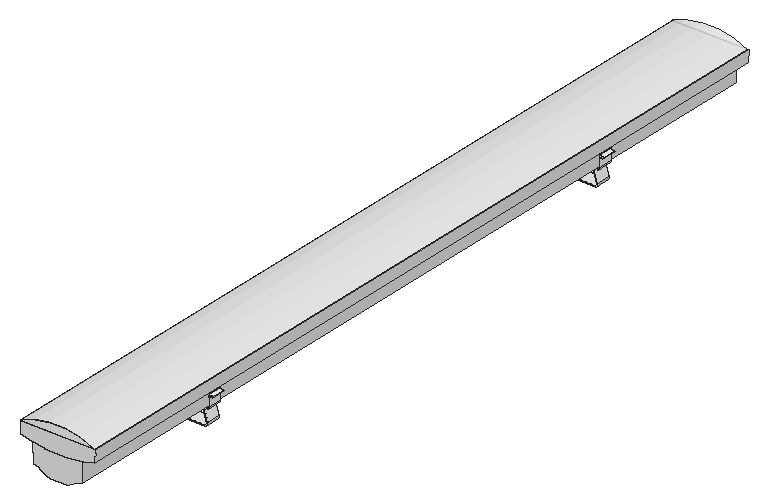
Revit family "Lighting-Industriale-GEWISS-SMART[3]PLUS-PLAFONIERA-LED-EMERGENZA_OPALE_1200mm", category Apparecchi per illuminazione, host Superficie, Revit 2019
Family settings
  Host = Superficie
  Quota connettore circolare = Usa diametro
  Tipo di parte = Normale
  Numero OmniClass = 23.80.70.11
  Titolo OmniClass = Luminaries for Internal Lighting
  Taglio con vuoti quando caricato = No
  Sorgente d'illuminazione = No
  Condiviso = No
  Punto di calcolo locali = No
Parameters (values of type "GWS3225AP957 - SMART3 PLUS 1200 EMERG DT1+DT6 HE OPAL 9 57")
  Visibilita_etichetta [instance] = yes
  Versione file RFA = "20.0"
  URL = "https://www.gewiss.com/it/it"
  Tipologia sorgente luminosa = "LED - Non sostituibile"
  Tipologia = ""
  Tipo alimentatore = ""
  Tensione = "220-240 V "
  Temperatura di utilizzo = "ND"
  Temperatura di funzionamento = "ND"
  Temperatura di colore: = "5700 K (CRI > 90)"
  Temperatura di colore = "5700 K (CRI > 90)"
  Struttura = GEWISS - SMART 3 - GRIGIO
  Stampa 1_200 = no
  Stampa 1_100 = not(Stampa 1_200)  # yes
  Spostamento_Y_etichetta [instance] = 0 mm
  Spostamento_Y_effettivo_etichetta [instance] = 1500 mm - Spostamento_Y_etichetta  # 1500 mm
  Spostamento_X_etichetta [instance] = 0 mm
  Spostamento_X_effettivo_etichetta [instance] = 1500 mm - Spostamento_X_etichetta  # 1500 mm
  Schermo. = Gewiss - Led Acceso
  Schermo = "Opale"
  Scheda Tecnica = "https://www.gewiss.com/it/it/search?q=GWS3225AP957"
  SEO = "Plafoniera"
  Resistenza agli urti = "IK08"
  Default Elevation = 1219.2 mm
  Produttore = "GEWISS S.p.A."
  Potenza di sistema = "36 W"
  Peso (kg): = ""
  NÂ° LED (#) = ""
  Modello = "GWS3225AP957"
  Lunghezza Lampada = 1200 mm  # constant formula
  Lunghezza = "1200 mm"
  Lumen output (lm) = "3900"
  Lampada: = "LED"
  Lampada = "LED"
  LED LifeTime (L80B20) = ""
  LED Life time (L90B50) = ""
  LED Life time (L80B50) = ""
  LED Life time (L70) = ""
  Immagine tipo = GWS3136P.jpg
  IFC.TypeObject = ""
  IFC.ExportType = ""
  IFC.ExportAs = ""
  IDT = "c24490b2-922b-4a62-9750-73ed8a6aae65"
  IDF = "40e73a22-c19b-474b-9c80-f3130e384cc5"
  Grado di protezione = "IP66/IP69"
  Glow Wire Test = "850°C"
  Garanzia = "ND"
  Ganci = GEWISS  - ALLUMINIO
  Flusso nominale (lm) = ""
  Failure rate apparecchio (50.000h, Tq=25Â° C) = ""
  Failure rate apparecchio (35.000h, Tq=35Â° C) = ""
  Descrizione = "SMART3 PLUS 1200 EMERG DT1+DT6 HE OPAL 9 57"
  Creato da GEWISS S.p.A. = ""
  Commenti sul wattaggio = "45W"
  Codice Electrocod = "2434"
  Codice EAN = ""
  Classe isolamento = "II"
  Classe di efficienza LED integrati = "A ÷ A++"
  Catalogo Serie = "SMART[3] PLUS"
  Catalogo = "LIGHTING"
  Carico apparente = 45 VA
  COBie.Tagnumber = ""
  COBie.CreatedOn = ""
  COBie.CreatebBy = ""
  COBie.ComponentRegisterItemID = ""
  COBie.Component.TagNumber = ""
  COBie.Component.Space = ""
  COBie.Component.SerialNumber = ""
  COBie.Component.InstallationDate = ""
  COBie.Component.Description = ""
  COBie.Component.BarCode = ""
  Applicazione = "Interno"
  Apparecchio a ridotta temperatura superficiale = ""
Types (7, lengths in mm): name | Temperatura di colore: | Temperatura di colore | Scheda Tecnica | Modello | Lumen output (lm) | IDT | Descrizione | Commenti sul wattaggio | Carico apparente
  (no name) | "5700 K (CRI > 90)" | "5700 K (CRI > 90)" | "https://www.gewiss.com/it/it/search?q=GWS3225AP957" | "GWS3225AP957" | "3900" | "c24490b2-922b-4a62-9750-73ed8a6aae65" | "SMART3 PLUS 1200 EMERG DT1+DT6 HE OPAL 9 57" | "45W" | 45 VA
  GWS3225AP857 - SMART3 PLUS 1200 EMERG DT1+DT6 HE OPAL 8 57 | "5700 K (CRI > 80)" | "5700 K (CRI > 80)" | "https://www.gewiss.com/it/it/search?q=GWS3225AP857" | "GWS3225AP857" | "5000" | "48da2503-fb6a-4847-91be-9a8075ec350e" | "SMART3 PLUS 1200 EMERG DT1+DT6 HE OPAL 8 57" | "43W" | 43 VA
  GWS3225AP830 - SMART3 PLUS 1200 EMERG DT1+DT6 HE OPAL 8 30 | "3000 K (CRI > 80)" | "3000 K (CRI > 80)" | "https://www.gewiss.com/it/it/search?q=GWS3225AP830" | "GWS3225AP830" | "4700" | "199fe490-6cae-440a-97bb-ecfa527e1038" | "SMART3 PLUS 1200 EMERG DT1+DT6 HE OPAL 8 30" | "22W" | 22 VA
  GWS3225AP840 - SMART3 PLUS 1200 EMERG DT1+DT6 HE OPAL 8 40 | "4000 K (CRI > 80)" | "4000 K (CRI > 80)" | "https://www.gewiss.com/it/it/search?q=GWS3225AP840" | "GWS3225AP840" | "5000" | "344aae81-8d98-4568-b8ff-268731c24878" | "SMART3 PLUS 1200 EMERG DT1+DT6 HE OPAL 8 40" | "22W" | 22 VA
  GWS3225AP930 - SMART3 PLUS 1200 EMERG DT1+DT6 HE OPAL 9 30 | "3000 K (CRI > 90)" | "3000 K (CRI > 90)" | "https://www.gewiss.com/it/it/search?q=GWS3225AP930" | "GWS3225AP930" | "3700" | "808f3b5f-f9f2-4b8e-a362-db7736bcd6a7" | "SMART3 PLUS 1200 EMERG DT1+DT6 HE OPAL 9 30" | "45W" | 45 VA
  GWS3225AP940 - SMART3 PLUS 1200 EMERG DT1+DT6 HE OPAL 9 40 | "4000 K (CRI > 90)" | "4000 K (CRI > 90)" | "https://www.gewiss.com/it/it/search?q=GWS3225AP940" | "GWS3225AP940" | "3900" | "5e348939-3342-461e-802b-034534a35295" | "SMART3 PLUS 1200 EMERG DT1+DT6 HE OPAL 9 40" | "45W" | 45 VA
  GWS3225AP957 - SMART3 PLUS 1200 EMERG DT1+DT6 HE OPAL 9 57 | "5700 K (CRI > 90)" | "5700 K (CRI > 90)" | "https://www.gewiss.com/it/it/search?q=GWS3225AP957" | "GWS3225AP957" | "3900" | "c24490b2-922b-4a62-9750-73ed8a6aae65" | "SMART3 PLUS 1200 EMERG DT1+DT6 HE OPAL 9 57" | "45W" | 45 VA
Reference planes
  plane 1 "Centro (Fronte/Retro)": y = 0
  plane 2: z = 0
  plane 3 "Centro (Sinistra/Destra)": x = 0
  plane 4: x = -1500
  plane 5: y = -1500
  plane 6: x = 0
  plane 7: y = 0
Forms (mm)
  Extrusion 1, solid, material "GEWISS  - ALLUMINIO" <- "Ganci", detail levels medium+fine
    sketch origin (0, 0, 0) x (1, 0, 0) y (0, 0, 1)
      loop
        arc (31.431, -0.002) -> (34.576, 1.589) -> (35.156, 5.066) r 3.903
        line (35.156, 5.066) -> (29.612, 23.211)
        arc (29.612, 23.211) -> (29.883, 24.381) -> (31.032, 24.73) r 1.2
        line (31.032, 24.73) -> (34.307, 23.974)
        arc (34.307, 23.974) -> (36.765, 24.53) -> (37.859, 26.8) r 2.9
        line (37.859, 26.8) -> (37.859, 38.8)
        arc (37.859, 38.8) -> (37.648, 39.694) -> (37.059, 40.4) r 2
        line (37.059, 40.4) -> (37.059, 42.71) -> (42.861, 40.598) -> (43.203, 41.538) -> (37.53, 43.603)
        arc (37.53, 43.603) -> (37.019, 43.613) -> (36.605, 43.311) r 0.8
        line (36.605, 43.311) -> (36.306, 26.139)
        arc (36.306, 26.139) -> (35.6, 25.444) -> (34.616, 25.34) r 1.5
        line (34.616, 25.34) -> (31.344, 26.095)
        arc (31.344, 26.095) -> (28.858, 25.335) -> (28.273, 22.802) r 2.6
        line (28.273, 22.802) -> (33.827, 4.636)
        arc (33.827, 4.636) -> (33.449, 2.415) -> (31.438, 1.4) r 2.5
        line (31.438, 1.4) -> (-31.437, 1.4)
        arc (-31.437, 1.4) -> (-33.449, 2.415) -> (-33.827, 4.636) r 2.5
        line (-33.827, 4.636) -> (-28.273, 22.802)
        arc (-28.273, 22.802) -> (-28.858, 25.335) -> (-31.344, 26.095) r 2.6
        line (-31.344, 26.095) -> (-34.616, 25.34)
        arc (-34.616, 25.34) -> (-35.6, 25.444) -> (-36.306, 26.139) r 1.5
        line (-36.306, 26.139) -> (-36.605, 43.311)
        arc (-36.605, 43.311) -> (-37.019, 43.613) -> (-37.53, 43.603) r 0.8
        line (-37.53, 43.603) -> (-43.203, 41.538) -> (-42.861, 40.598) -> (-37.059, 42.71) -> (-37.059, 40.4)
        arc (-37.059, 40.4) -> (-37.648, 39.694) -> (-37.859, 38.8) r 2
        line (-37.859, 38.8) -> (-37.859, 26.8)
        arc (-37.859, 26.8) -> (-36.765, 24.53) -> (-34.307, 23.974) r 2.9
        line (-34.307, 23.974) -> (-31.032, 24.73)
        arc (-31.032, 24.73) -> (-29.883, 24.381) -> (-29.612, 23.211) r 1.2
        line (-29.612, 23.211) -> (-35.156, 5.066)
        arc (-35.156, 5.066) -> (-34.576, 1.589) -> (-31.431, -0.002) r 3.903
        line (-31.431, -0.002) -> (31.431, -0.002)
    from 348.766 to 368.766
  Extrusion 2, solid, material "GEWISS  - ALLUMINIO" <- "Ganci", detail levels medium+fine
    sketch origin (0, 0, 0) x (1, 0, 0) y (0, 0, -1)
      loop
        line (31.431, 0.002) -> (-31.431, 0.002)
        arc (-31.431, 0.002) -> (-34.576, -1.589) -> (-35.156, -5.066) r 3.903
        line (-35.156, -5.066) -> (-29.612, -23.211)
        arc (-29.612, -23.211) -> (-29.883, -24.381) -> (-31.032, -24.73) r 1.2
        line (-31.032, -24.73) -> (-34.307, -23.974)
        arc (-34.307, -23.974) -> (-36.765, -24.53) -> (-37.859, -26.8) r 2.9
        line (-37.859, -26.8) -> (-37.859, -38.8)
        arc (-37.859, -38.8) -> (-37.648, -39.694) -> (-37.059, -40.4) r 2
        line (-37.059, -40.4) -> (-37.059, -42.71) -> (-42.861, -40.598) -> (-43.203, -41.538) -> (-37.53, -43.603)
        arc (-37.53, -43.603) -> (-37.019, -43.613) -> (-36.605, -43.311) r 0.8
        line (-36.605, -43.311) -> (-36.306, -26.139)
        arc (-36.306, -26.139) -> (-35.6, -25.444) -> (-34.616, -25.34) r 1.5
        line (-34.616, -25.34) -> (-31.344, -26.095)
        arc (-31.344, -26.095) -> (-28.858, -25.335) -> (-28.273, -22.802) r 2.6
        line (-28.273, -22.802) -> (-33.827, -4.636)
        arc (-33.827, -4.636) -> (-33.449, -2.415) -> (-31.437, -1.4) r 2.5
        line (-31.437, -1.4) -> (31.438, -1.4)
        arc (31.438, -1.4) -> (33.449, -2.415) -> (33.827, -4.636) r 2.5
        line (33.827, -4.636) -> (28.273, -22.802)
        arc (28.273, -22.802) -> (28.858, -25.335) -> (31.344, -26.095) r 2.6
        line (31.344, -26.095) -> (34.616, -25.34)
        arc (34.616, -25.34) -> (35.6, -25.444) -> (36.306, -26.139) r 1.5
        line (36.306, -26.139) -> (36.605, -43.311)
        arc (36.605, -43.311) -> (37.019, -43.613) -> (37.53, -43.603) r 0.8
        line (37.53, -43.603) -> (43.203, -41.538) -> (42.861, -40.598) -> (37.059, -42.71) -> (37.059, -40.4)
        arc (37.059, -40.4) -> (37.648, -39.694) -> (37.859, -38.8) r 2
        line (37.859, -38.8) -> (37.859, -26.8)
        arc (37.859, -26.8) -> (36.765, -24.53) -> (34.307, -23.974) r 2.9
        line (34.307, -23.974) -> (31.032, -24.73)
        arc (31.032, -24.73) -> (29.883, -24.381) -> (29.612, -23.211) r 1.2
        line (29.612, -23.211) -> (35.156, -5.066)
        arc (35.156, -5.066) -> (34.576, -1.589) -> (31.431, 0.002) r 3.903
    from 348.766 to 368.766
  Extrusion 3, solid, material "GEWISS - SMART 3 - GRIGIO" <- "Struttura", detail levels medium+fine
    sketch origin (0, 0, 0) x (1, 0, 0) y (0, 0, 1)
      loop
        line (-36.331, 55.757) -> (-35.847, 28.018)
        arc (-35.847, 28.018) -> (-33.139, 27.27) -> (-30.416, 26.58) r 129.5
        arc (-30.416, 26.58) -> (-28.066, 25.76) -> (-25.915, 24.506) r 13
        arc (-25.915, 24.506) -> (-24.23, 23.324) -> (-22.521, 22.178) r 99.5
        arc (-22.521, 22.178) -> (-16.401, 19.063) -> (-9.748, 17.365) r 31.146
        line (-9.748, 17.365) -> (12.491, 17.365)
        arc (12.491, 17.365) -> (17.822, 19.098) -> (22.764, 21.745) r 31.646
        arc (22.764, 21.745) -> (24.509, 22.915) -> (26.228, 24.122) r 100
        arc (26.228, 24.122) -> (28.283, 25.313) -> (30.525, 26.095) r 12.5
        arc (30.525, 26.095) -> (33.437, 26.834) -> (36.332, 27.64) r 130
        line (36.332, 27.64) -> (36.824, 55.851)
        arc (36.824, 55.851) -> (24.914, 53.937) -> (12.909, 52.764) r 195.047
        line (12.909, 52.764) -> (-12.909, 52.764)
        arc (-12.909, 52.764) -> (-24.665, 53.905) -> (-36.331, 55.757) r 195.047
    from -600 to 600
  Extrusion 4, solid, material "GEWISS - SMART 3 - GRIGIO" <- "Struttura", detail levels medium+fine
    sketch origin (0, 0, 0) x (1, 0, 0) y (0, 0, 1)
      loop
        line (54.725, 60.184) -> (55.177, 77.445) -> (-55.177, 77.445) -> (-54.725, 60.184)
        arc (-54.725, 60.184) -> (-34.019, 55.332) -> (-12.909, 52.764) r 195.047
        line (-12.909, 52.764) -> (12.909, 52.764)
        arc (12.909, 52.764) -> (34.019, 55.332) -> (54.725, 60.184) r 195.047
    from -600 to 600
  Extrusion 5, solid, material "Gewiss - Led Acceso" <- "Schermo.", detail levels medium+fine
    sketch origin (0, 0, 0) x (1, 0, 0) y (0, 0, 1)
      loop
        arc (54.697, 78.441) -> (-0.014, 90.457) -> (-54.723, 78.429) r 130.5
        arc (-54.723, 78.429) -> (-54.988, 77.838) -> (-54.5, 77.445) r 0.5
        line (-54.5, 77.445) -> (54.479, 77.445)
        arc (54.479, 77.445) -> (54.988, 77.855) -> (54.697, 78.441) r 0.522
    from -600 to 600
  Extrusion 6, solid, material "GEWISS - SMART 3 - GRIGIO" <- "Struttura", detail levels coarse
    sketch origin (0, 0, 0) x (1, 0, 0) y (0, 0, 1)
      loop
        line (-54.5, 90.439) -> (-54.5, 0) -> (54.5, 0) -> (54.5, 90.439) -> (-54.5, 90.439)
    from -600 to 600
Lines and regions (mm)
  Masking region 1
    outline origin (0, 0, 0) x (1, 0, 0) y (0, 1, 0)
      loop
        line (-55.177, 600) -> (-55.177, -600) -> (55.177, -600) -> (55.177, 600) -> (-55.177, 600)
  symbolic lines, style "GEWISS - LIGHT 2D"
    curve 1: line (0, 488.766, 0) -> (0, -535.897, 0)
Dimensions and locks
  plane 4 to plane 3 "Centro (Sinistra/Destra)" = 1500 mm
  "Spostamento_X_effettivo_etichetta": plane 4 to plane 6
  plane 1 "Centro (Fronte/Retro)" to plane 5 = 1500 mm
  "Spostamento_Y_effettivo_etichetta": plane 7 to plane 5
  aligned and locked: plane 2 to host face
  aligned and locked: level to host face
  aligned and locked: Masking region 1 sketch curve to Extrusion 4  (x4)
  aligned and locked: nested 1 to plane 7
  aligned and locked: plane 6 to nested 1
  aligned and locked: curve 1 to plane 3 "Centro (Sinistra/Destra)"
Automatic sketch dimensions
  host sketch curve to host sketch curve = 2438.4 mm  (x2)
  Extrusion 1 sketch curve to Extrusion 1 sketch curve = 0 mm  (x28)
  Extrusion 1 sketch curve to plane 3 "Centro (Sinistra/Destra)" = 43.203 mm
  level to Extrusion 1 sketch curve = 40.598 mm
  Extrusion 1 sketch curve to Extrusion 1 sketch curve = 0.342 mm  (x2)
  Extrusion 1 sketch curve to Extrusion 1 sketch curve = 5.002 mm  (x2)
  Extrusion 1 sketch curve to Extrusion 1 sketch curve = 0.329 mm
  Extrusion 1 sketch curve to Extrusion 1 sketch curve = 0.271 mm  (x2)
  Extrusion 1 sketch curve to Extrusion 1 sketch curve = 0.8 mm  (x2)
  Extrusion 1 sketch curve to Extrusion 1 sketch curve = 0.454 mm  (x2)
  Extrusion 1 sketch curve to Extrusion 1 sketch curve = 1.554 mm
  Extrusion 1 sketch curve to Extrusion 1 sketch curve = 2 mm
  level to Extrusion 1 sketch curve = 5.066 mm  (x2)
  Extrusion 1 sketch curve to Extrusion 1 sketch curve = 1.15 mm
  Extrusion 1 sketch curve to Extrusion 1 sketch curve = 1.346 mm  (x2)
  Extrusion 1 sketch curve to Extrusion 1 sketch curve = 0.343 mm  (x2)
  level to Extrusion 1 sketch curve = 4.636 mm  (x2)
  Extrusion 1 sketch curve to Extrusion 1 sketch curve = 1.329 mm  (x2)
  level to Extrusion 1 sketch curve = 1.4 mm
  Extrusion 1 sketch curve to Extrusion 1 sketch curve = 2.389 mm  (x2)
  Extrusion 1 sketch curve to Extrusion 1 sketch curve = 0.007 mm  (x2)
  Extrusion 1 sketch curve to Extrusion 1 sketch curve = 3.584 mm  (x2)
  Extrusion 1 sketch curve to Extrusion 1 sketch curve = 0.273 mm  (x2)
  plane 3 "Centro (Sinistra/Destra)" to Extrusion 1 sketch curve = 30.759 mm
  Extrusion 1 sketch curve to level = 0.002 mm
  Extrusion 1 sketch curve to Extrusion 1 sketch curve = 0.672 mm
  Extrusion 1 sketch curve to Extrusion 1 sketch curve = 0.9 mm
  level to Extrusion 1 sketch curve = 26.139 mm
  Extrusion 1 sketch curve to Extrusion 1 sketch curve = 0.746 mm
  Extrusion 1 sketch curve to Extrusion 1 sketch curve = 0.2 mm
  Extrusion 1 sketch curve to Extrusion 1 sketch curve = 2.577 mm
  Extrusion 1 sketch curve to Extrusion 1 sketch curve = 18.496 mm
  Extrusion 1 sketch curve to Extrusion 1 sketch curve = 1.169 mm  (x2)
  Extrusion 1 sketch curve to Extrusion 1 sketch curve = 0.799 mm  (x2)
  Extrusion 1 sketch curve to Extrusion 1 sketch curve = 0.609 mm
  Extrusion 1 sketch curve to Extrusion 1 sketch curve = 1.798 mm  (x2)
  Extrusion 1 sketch curve to Extrusion 1 sketch curve = 12 mm
  Extrusion 1 sketch curve to Extrusion 1 sketch curve = 0.94 mm  (x2)
  Extrusion 1 sketch curve to Extrusion 1 sketch curve = 0.14 mm  (x2)
  Extrusion 1 sketch curve to Extrusion 1 sketch curve = 0.309 mm  (x2)
  Extrusion 1 sketch curve to Extrusion 1 sketch curve = 0.312 mm  (x2)
  Extrusion 1 sketch curve to Extrusion 1 sketch curve = 1.148 mm  (x2)
  Extrusion 1 sketch curve to Extrusion 1 sketch curve = 1.339 mm
  Extrusion 1 sketch curve to Extrusion 1 sketch curve = 2.486 mm
  Extrusion 1 sketch curve to Extrusion 1 sketch curve = 0.409 mm  (x2)
  Extrusion 2 sketch curve to Extrusion 2 sketch curve = 0 mm  (x28)
  Extrusion 2 sketch curve to plane 3 "Centro (Sinistra/Destra)" = 43.203 mm
  level to Extrusion 2 sketch curve = 40.598 mm
  Extrusion 2 sketch curve to Extrusion 2 sketch curve = 0.342 mm  (x2)
  Extrusion 2 sketch curve to Extrusion 2 sketch curve = 5.002 mm  (x2)
  Extrusion 2 sketch curve to Extrusion 2 sketch curve = 0.329 mm
  Extrusion 2 sketch curve to Extrusion 2 sketch curve = 0.271 mm  (x2)
  Extrusion 2 sketch curve to Extrusion 2 sketch curve = 0.8 mm  (x2)
  Extrusion 2 sketch curve to Extrusion 2 sketch curve = 0.454 mm  (x2)
  Extrusion 2 sketch curve to Extrusion 2 sketch curve = 1.554 mm
  Extrusion 2 sketch curve to Extrusion 2 sketch curve = 2 mm
  level to Extrusion 2 sketch curve = 5.066 mm  (x2)
  Extrusion 2 sketch curve to Extrusion 2 sketch curve = 1.15 mm
  Extrusion 2 sketch curve to Extrusion 2 sketch curve = 1.346 mm  (x2)
  Extrusion 2 sketch curve to Extrusion 2 sketch curve = 0.343 mm  (x2)
  level to Extrusion 2 sketch curve = 4.636 mm  (x2)
  Extrusion 2 sketch curve to Extrusion 2 sketch curve = 1.329 mm  (x2)
  level to Extrusion 2 sketch curve = 1.4 mm
  Extrusion 2 sketch curve to Extrusion 2 sketch curve = 2.389 mm  (x2)
  Extrusion 2 sketch curve to Extrusion 2 sketch curve = 0.007 mm  (x2)
  Extrusion 2 sketch curve to Extrusion 2 sketch curve = 3.584 mm  (x2)
  Extrusion 2 sketch curve to Extrusion 2 sketch curve = 0.273 mm  (x2)
  plane 3 "Centro (Sinistra/Destra)" to Extrusion 2 sketch curve = 30.759 mm
  Extrusion 2 sketch curve to level = 0.002 mm
  Extrusion 2 sketch curve to Extrusion 2 sketch curve = 0.672 mm
  Extrusion 2 sketch curve to Extrusion 2 sketch curve = 0.9 mm
  level to Extrusion 2 sketch curve = 26.139 mm
  Extrusion 2 sketch curve to Extrusion 2 sketch curve = 0.746 mm
  Extrusion 2 sketch curve to Extrusion 2 sketch curve = 0.2 mm
  Extrusion 2 sketch curve to Extrusion 2 sketch curve = 14.46 mm
  Extrusion 2 sketch curve to Extrusion 2 sketch curve = 0.94 mm  (x2)
  Extrusion 2 sketch curve to Extrusion 2 sketch curve = 0.14 mm  (x2)
  Extrusion 2 sketch curve to Extrusion 2 sketch curve = 2.31 mm  (x2)
  Extrusion 2 sketch curve to Extrusion 2 sketch curve = 12 mm
  Extrusion 2 sketch curve to Extrusion 2 sketch curve = 0.661 mm  (x2)
  Extrusion 2 sketch curve to Extrusion 2 sketch curve = 0.609 mm  (x2)
  Extrusion 2 sketch curve to Extrusion 2 sketch curve = 1.169 mm  (x2)
  Extrusion 2 sketch curve to Extrusion 2 sketch curve = 0.309 mm  (x2)
  Extrusion 2 sketch curve to Extrusion 2 sketch curve = 0.312 mm  (x2)
  Extrusion 2 sketch curve to Extrusion 2 sketch curve = 1.148 mm  (x2)
  Extrusion 2 sketch curve to Extrusion 2 sketch curve = 1.339 mm
  Extrusion 2 sketch curve to Extrusion 2 sketch curve = 2.486 mm
  Extrusion 2 sketch curve to Extrusion 2 sketch curve = 1.365 mm  (x2)
  Extrusion 3 sketch curve to plane 3 "Centro (Sinistra/Destra)" = 36.331 mm
  Extrusion 3 sketch curve to Extrusion 3 sketch curve = 0.484 mm
  Extrusion 3 sketch curve to Extrusion 3 sketch curve = 2.34 mm
  Extrusion 3 sketch curve to plane 3 "Centro (Sinistra/Destra)" = 32.068 mm
  Extrusion 3 sketch curve to plane 3 "Centro (Sinistra/Destra)" = 12.909 mm
  Extrusion 3 sketch curve to plane 3 "Centro (Sinistra/Destra)" = 9.748 mm
  Extrusion 3 sketch curve to plane 3 "Centro (Sinistra/Destra)" = 5.421 mm
  Extrusion 3 sketch curve to plane 3 "Centro (Sinistra/Destra)" = 0.057 mm
  Extrusion 3 sketch curve to plane 3 "Centro (Sinistra/Destra)" = 0.007 mm
  Extrusion 3 sketch curve to plane 3 "Centro (Sinistra/Destra)" = 0.001 mm
  plane 3 "Centro (Sinistra/Destra)" to Extrusion 3 sketch curve = 0.057 mm
  plane 3 "Centro (Sinistra/Destra)" to Extrusion 3 sketch curve = 5.412 mm
  plane 3 "Centro (Sinistra/Destra)" to Extrusion 3 sketch curve = 12.491 mm
  Extrusion 3 sketch curve to Extrusion 3 sketch curve = 7.496 mm
  plane 3 "Centro (Sinistra/Destra)" to Extrusion 3 sketch curve = 32.059 mm
  Extrusion 3 sketch curve to Extrusion 3 sketch curve = 21.008 mm
  Extrusion 3 sketch curve to Extrusion 3 sketch curve = 2.833 mm
  Extrusion 3 sketch curve to Extrusion 3 sketch curve = 23.916 mm
  level to Extrusion 3 sketch curve = 13.953 mm  (x2)
  level to Extrusion 3 sketch curve = 17.365 mm  (x2)
  Extrusion 3 sketch curve to Extrusion 3 sketch curve = 13.687 mm
  Extrusion 3 sketch curve to Extrusion 3 sketch curve = 14.064 mm
  Extrusion 3 sketch curve to Extrusion 3 sketch curve = 30.844 mm
  Extrusion 3 sketch curve to Extrusion 3 sketch curve = 0 mm  (x3)
  Extrusion 3 sketch curve to Extrusion 3 sketch curve = 4.555 mm
  Extrusion 3 sketch curve to Extrusion 3 sketch curve = 2.993 mm
  Extrusion 3 sketch curve to Extrusion 3 sketch curve = 3.087 mm
  Extrusion 3 sketch curve to Extrusion 3 sketch curve = 49.52 mm
  Extrusion 3 sketch curve to Extrusion 3 sketch curve = 49.615 mm
  Extrusion 3 sketch curve to Extrusion 3 sketch curve = 47.089 mm
  Extrusion 3 sketch curve to Extrusion 3 sketch curve = 5.431 mm
  Extrusion 3 sketch curve to Extrusion 3 sketch curve = 4.5 mm
  Extrusion 3 sketch curve to Extrusion 3 sketch curve = 10.273 mm
  Extrusion 3 sketch curve to Extrusion 3 sketch curve = 3.465 mm
  Extrusion 3 sketch curve to Extrusion 3 sketch curve = 4.297 mm
  Extrusion 4 sketch curve to plane 3 "Centro (Sinistra/Destra)" = 55.177 mm
  Extrusion 4 sketch curve to Extrusion 4 sketch curve = 0.452 mm  (x2)
  Extrusion 4 sketch curve to plane 3 "Centro (Sinistra/Destra)" = 12.909 mm
  Extrusion 4 sketch curve to plane 3 "Centro (Sinistra/Destra)" = 0.057 mm
  plane 3 "Centro (Sinistra/Destra)" to Extrusion 4 sketch curve = 0.057 mm
  plane 3 "Centro (Sinistra/Destra)" to Extrusion 4 sketch curve = 12.909 mm
  Extrusion 4 sketch curve to Extrusion 4 sketch curve = 41.816 mm
  level to Extrusion 4 sketch curve = 52.764 mm
  Extrusion 4 sketch curve to Extrusion 4 sketch curve = 7.42 mm  (x2)
  Extrusion 4 sketch curve to Extrusion 4 sketch curve = 17.262 mm
  Extrusion 5 sketch curve to plane 3 "Centro (Sinistra/Destra)" = 0 mm
  Extrusion 5 sketch curve to plane 3 "Centro (Sinistra/Destra)" = 54.5 mm
  plane 3 "Centro (Sinistra/Destra)" to Extrusion 5 sketch curve = 54.479 mm
  Extrusion 5 sketch curve to level = 40.043 mm
  level to Extrusion 5 sketch curve = 77.445 mm
  Extrusion 5 sketch curve to Extrusion 5 sketch curve = 0.5 mm
  Extrusion 5 sketch curve to Extrusion 5 sketch curve = 0.522 mm
  Extrusion 5 sketch curve to Extrusion 5 sketch curve = 0.21 mm
  Extrusion 5 sketch curve to Extrusion 5 sketch curve = 0.014 mm
  Extrusion 5 sketch curve to Extrusion 5 sketch curve = 0 mm
  Extrusion 6 sketch curve to level = 0 mm
  Extrusion 6 sketch curve to plane 3 "Centro (Sinistra/Destra)" = 54.5 mm
  plane 3 "Centro (Sinistra/Destra)" to Extrusion 6 sketch curve = 54.5 mm
  Extrusion 6 sketch curve to Extrusion 6 sketch curve = 90.439 mm
  plane 1 "Centro (Fronte/Retro)" to curve 1 = 535.897 mm
  curve 1 to plane 1 "Centro (Fronte/Retro)" = 488.766 mm
Nested families
  nested 1: "ETICHETTA WATTAGGIO" at (0, 0, 0), visible <- "Visibilita_etichetta", type "ETICHETTA WATTAGGIO"
Connectors
  electrical at (0, 0, 0), driven by "Carico apparente"
    settings: on Masking region 1, index 1, voltage 230 V, apparent load 0 VA, apparent load phase1 45 VA, apparent load phase2 0 VA, apparent load phase3 0 VA, power factor 1, load classification "Illuminazione", number of poles 2, system type 31, power factor state 1, is connector primary yes, connector utility no, sub classification motor no, connector description ""
Definition of nested family "ETICHETTA WATTAGGIO"
  Parameters (values of type "ETICHETTA WATTAGGIO")
    GW - Potenza di sistema = ""
    GW - Numero LED = ""
    COMMENTI = "13W"
    1_200 = no
    1_100 = yes
  Reference planes
    plane 1: y = 0
    plane 2: x = 0
  Text (mm)
    label "GW - Potenza di sistema\nGW - Numero LED LED" at (-0.057, -0.214, 0), shows "GW - Potenza di sistema", "GW - Numero LED", visible <- "1_100"
    label "GW - Potenza di sistema\nGW - Numero LED LED " at (-0.057, -0.214, 0), shows "GW - Potenza di sistema", "GW - Numero LED", visible <- "1_200"
